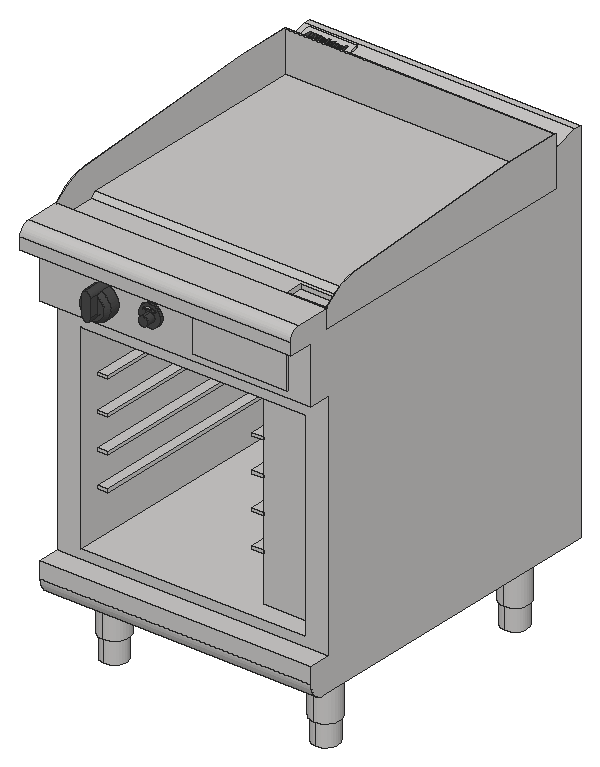
Revit family "QF_MOFFAT WALDORF_GPL8600G-CB", category Specialty Equipment, Revit 2012
Parameters
  Weight in Pounds = 238.099  # constant formula
  Width [instance] = 600.00 mm  # constant formula
  URL Cutsheet = "www.moffat.com"
  URL = "www.moffat.com"
  Type Mark [instance] = ""
  Status [instance] = ""
  Specification by User [instance] = ""
  Specification by Manufacturer = ""
  Show Logo [instance] = yes
  Show Casters [instance] = no
  Serial Number = ""
  Seismic Rating = ""
  SMACNA No = ""
  Revision Code [instance] = ""
  Omniclass Number and Title = ""
  NAFEM Spec ID Number = ""
  Model = "GPL8600G-CB"
  Mechanical Remarks = ""
  Mechanical Connection Type = ""
  Masterspec = ""
  Manufacturer = "MOFFAT WALDORF"
  Legs [instance] = not(Show Casters)  # yes
  Item Number [instance] = ""
  Installed By [instance] = ""
  Identify Quantity as Lot [instance] = yes
  Height = 970.00 mm  # constant formula
  Gas Size = 3/4"
  Gas RI Height = 0.00 mm
  Gas KW = 14.7
  Gas Input = 50234.0 Btu/h
  Gas Connection Height = 0.00 mm
  Furnished By [instance] = ""
  Foodservice Equipment Identifier [instance] = yes
  Description = "GRIDDLE PLATE LOW SPLASHBACK GAS ON CABINET BASE"
  Depth [instance] = 805.00 mm  # constant formula
  CSI MasterFormat = ""
  CSI Master Format = ""
  Back Splash [instance] = 215.00 mm  # constant formula
Reference planes
  plane 1 "BACK": y = 0
  plane 2: z = 0
  plane 3 "LEFT": x = 0
  plane 4 "RIGHT": x = 600
  plane 5 "FRONT": y = -805
  plane 6 "TOP": z = 970
  plane 7 "Center Y": x = 300
  plane 8 "Center X": y = -402.5
  plane 9 "Base Height": z = 150
  plane 10: z = 915
  plane 11: x = 65
  plane 12: x = 534
  plane 13: y = -625
  plane 14: y = -100
  plane 15: x = 470
  plane 16: z = 655
  plane 17: y = -32
Forms (mm)
  Extrusion 1, solid, material "QF_Finishes_Stainless Steel"
    sketch origin (0, 0, 0) x (0, 1, 0) y (0, 0, 1)
      loop
        line (-699, 222.5) -> (-749, 222.5) -> (-749, 188)
        arc (-749, 188) -> (-737.87, 161.13) -> (-711, 150) r 38
        line (-711, 150) -> (-699, 150) -> (-699, 222.5)
      loop
        line (-100, 150) -> (0, 150) -> (0, 970) -> (-15, 970) -> (-61.106, 957.646)
        arc (-61.106, 957.646) -> (-67.52, 953.36) -> (-70, 946.055) r 12
        line (-70, 946.055) -> (-70, 875) -> (-705, 875) -> (-705, 915) -> (-781, 915)
        arc (-781, 915) -> (-797.971, 907.971) -> (-805, 891) r 24
        line (-805, 891) -> (-805, 866) -> (-749, 866) -> (-749, 740) -> (-100, 740) -> (-100, 150)
    from 0 to 600
  Revolve 2, solid, material "QF_Finishes_Stainless Steel", visible <- "Legs"
    sketch origin (534, -210, 0) x (0, 1, 0) y (0, 0, -1)
      loop
        line (78.25, -150) -> (110, -150) -> (110, 0) -> (82.5, 0) -> (82.5, -50) -> (78.25, -50) -> (78.25, -150)
      axis (110, -150) -> (110, 0)
    angle from 0 to 360
  Revolve 3, solid, material "QF_Finishes_Stainless Steel"
    sketch origin (534, -735, 0) x (0, 1, 0) y (0, 0, -1)
      loop
        line (78.25, -150) -> (110, -150) -> (110, 0) -> (82.5, 0) -> (82.5, -50) -> (78.25, -50) -> (78.25, -150)
      axis (110, -150) -> (110, 0)
    angle from 0 to 360
  Revolve 4, solid, material "QF_Finishes_Stainless Steel", visible <- "Legs"
    sketch origin (65, -210, 0) x (0, 1, 0) y (0, 0, -1)
      loop
        line (78.25, -150) -> (110, -150) -> (110, 0) -> (82.5, 0) -> (82.5, -50) -> (78.25, -50) -> (78.25, -150)
      axis (110, -150) -> (110, 0)
    angle from 0 to 360
  Revolve 5, solid, material "QF_Finishes_Stainless Steel"
    sketch origin (65, -735, 0) x (0, 1, 0) y (0, 0, -1)
      loop
        line (78.25, -150) -> (110, -150) -> (110, 0) -> (82.5, 0) -> (82.5, -50) -> (78.25, -50) -> (78.25, -150)
      axis (110, -150) -> (110, 0)
    angle from 0 to 360
  Revolve 6, solid, material "QF_Finishes_Black"
    sketch origin (150, 0, 602.373) x (0, 1, 0) y (0, 0, -1)
      loop
        line (-782, -229.5) -> (-759, -229.5) -> (-759, -202) -> (-749, -202) -> (-749, -197) -> (-793, -197) -> (-793, -223.651) -> (-782, -229.5)
      axis (-793, -197) -> (-749, -197)
    angle from 0 to 360
  Extrusion 7, solid, material "QF_Finishes_Black"
    sketch origin (288.27, 0, 602.531) x (-1, 0, 0) y (0, 0, -1)
      loop
        arc (148.269, -184.969) -> (138.269, -174.969) -> (128.269, -184.969) r 10
        line (128.269, -184.969) -> (128.269, -223.969)
        arc (128.269, -223.969) -> (138.269, -233.969) -> (148.269, -223.969) r 10
        line (148.269, -223.969) -> (148.269, -184.969)
    from 759 to 808
  Extrusion 8, solid, material "QF_Finishes_Stainless Steel"
    sketch origin (0, -749, 866) x (0, 0, -1) y (1, 0, 0)
      loop
        line (24, 340) -> (111, 340) -> (111, 550) -> (24, 550) -> (24, 340)
    from 0 to 2.5
  Extrusion 9, solid, material "QF_Finishes_Stainless Steel"
    sketch origin (0, -751.5, 866) x (0, 0, -1) y (1, 0, 0)
      loop
        line (31, 550) -> (24, 550) -> (24, 340) -> (31, 340) -> (31, 550)
    from 0 to 5
  Extrusion 10, solid, material "QF_Finishes_Black"
    sketch origin (0, -749, 866) x (0, 0, -1) y (1, 0, 0)
      loop
        circle (66.25, 247.5) r 24
      loop
        arc (56.35, 262.413) -> (48.314, 247.625) -> (56.132, 232.719) r 17.868
        arc (56.132, 232.719) -> (56.612, 232.434) -> (57.127, 232.649) r 0.621
        arc (57.127, 232.649) -> (58.564, 235.208) -> (58.908, 238.122) r 7.495
        arc (58.908, 238.122) -> (58.704, 239.05) -> (58.256, 239.888) r 3.472
        arc (58.256, 239.888) -> (55.964, 247.351) -> (58.094, 254.862) r 13.786
        arc (58.094, 254.862) -> (58.734, 256.132) -> (58.999, 257.528) r 5.101
        arc (58.999, 257.528) -> (58.628, 260.047) -> (57.334, 262.239) r 6.611
        arc (57.334, 262.239) -> (56.872, 262.497) -> (56.35, 262.413) r 0.806
    from 0 to 5
  Extrusion 11, solid, material "QF_Finishes_Black"
    sketch origin (0, -754, 866) x (0, 0, -1) y (1, 0, 0)
      loop
        circle (69.75, 247.5) r 10
    from 0 to 18.251
  Extrusion 12, solid, material "QF_Finishes_Stainless Steel"
    sketch origin (0, -699, 685) x (1, 0, 0) y (0, -1, 0)
      loop
        circle (470, -667) r 13.5
    from -55 to 30
  Extrusion 13, solid, material "QF_Finishes_Stainless Steel"
    sketch origin (0, -100, 685) x (0, 0, 1) y (-1, 0, 0)
      loop
        line (-535, 0) -> (-535, -600) -> (55, -600) -> (55, 0) -> (-535, 0)
      loop
        line (0, -50) -> (-442.5, -50) -> (-442.5, -550) -> (0, -550) -> (0, -50)
    from 0 to 599
  Extrusion 14, solid, material "QF_Finishes_Stainless Steel"
    sketch origin (0, -100, 685) x (0, 0, 1) y (-1, 0, 0)
      loop
        line (-266.25, -50) -> (-266.25, -75) -> (-259.9, -75) -> (-259.9, -50) -> (-266.25, -50)
      loop
        line (-184.9, -75) -> (-184.9, -50) -> (-191.25, -50) -> (-191.25, -75) -> (-184.9, -75)
      loop
        line (-341.25, -50) -> (-341.25, -75) -> (-334.9, -75) -> (-334.9, -50) -> (-341.25, -50)
      loop
        line (-109.9, -75) -> (-109.9, -50) -> (-116.25, -50) -> (-116.25, -75) -> (-109.9, -75)
      loop
        line (-266.25, -419.5) -> (-259.9, -419.5) -> (-259.9, -394.5) -> (-266.25, -394.5) -> (-266.25, -419.5)
      loop
        line (-184.9, -394.5) -> (-191.25, -394.5) -> (-191.25, -419.5) -> (-184.9, -419.5) -> (-184.9, -394.5)
      loop
        line (-341.25, -419.5) -> (-334.9, -419.5) -> (-334.9, -394.5) -> (-341.25, -394.5) -> (-341.25, -419.5)
      loop
        line (-109.9, -394.5) -> (-116.25, -394.5) -> (-116.25, -419.5) -> (-109.9, -419.5) -> (-109.9, -394.5)
    from 0 to 554
  Extrusion 15, solid, material "QF_Finishes_Stainless Steel"
    sketch origin (0, -100, 685) x (0, 0, 1) y (-1, 0, 0)
      loop
        line (0, -550) -> (0, -419.5) -> (-442.5, -419.5) -> (-442.5, -550) -> (0, -550)
    from 546.898 to 554
  Extrusion 16, void
    sketch origin (0, 0, 150) x (-1, 0, 0) y (0, -1, 0)
      loop
        line (-535.614, 87.26) -> (-535.614, -30.24) -> (-406.114, -30.24) -> (-406.114, 38.76) -> (-454.614, 87.26) -> (-535.614, 87.26)
    from 72.5 to 590
Cuts and joins
  joined: Extrusion 8, Extrusion 9
  Extrusion 16 cuts Extrusion 1
  joined: Extrusion 1, Extrusion 13
Lines and regions (mm)
  Split face 1
    outline origin (12.5, -17.878, 969.229) x (0, -0.965926, -0.258819) y (1, 0, 0)
      loop
        line (2.411, 151.462) -> (37.194, 151.462) -> (37.194, 169.241) -> (2.411, 169.241) -> (2.411, 151.462)
  Split face 2
    outline origin (66.25, -17.878, 969.229) x (0, -0.965926, -0.258819) y (1, 0, 0)
      loop
        line (2.411, 151.462) -> (37.194, 151.462) -> (37.194, 169.241) -> (2.411, 169.241) -> (2.411, 151.462)
  Split face 3
    outline origin (120, -17.878, 969.229) x (0, -0.965926, -0.258819) y (1, 0, 0)
      loop
        line (2.411, 151.462) -> (37.194, 151.462) -> (37.194, 169.241) -> (2.411, 169.241) -> (2.411, 151.462)
  Split face 4
    outline origin (173.75, -17.878, 969.229) x (0, -0.965926, -0.258819) y (1, 0, 0)
      loop
        line (2.411, 151.462) -> (37.194, 151.462) -> (37.194, 169.241) -> (2.411, 169.241) -> (2.411, 151.462)
  Split face 5
    outline origin (227.5, -17.878, 969.229) x (0, -0.965926, -0.258819) y (1, 0, 0)
      loop
        line (2.411, 151.462) -> (37.194, 151.462) -> (37.194, 169.241) -> (2.411, 169.241) -> (2.411, 151.462)
  Split face 6
    outline origin (281.25, -17.878, 969.229) x (0, -0.965926, -0.258819) y (1, 0, 0)
      loop
        line (2.411, 151.462) -> (37.194, 151.462) -> (37.194, 169.241) -> (2.411, 169.241) -> (2.411, 151.462)
  Split face 7
    outline origin (335, -17.878, 969.229) x (0, -0.965926, -0.258819) y (1, 0, 0)
      loop
        line (2.411, 151.462) -> (37.194, 151.462) -> (37.194, 169.241) -> (2.411, 169.241) -> (2.411, 151.462)
  symbolic lines
    curve 1: line (0, 0, 0) -> (0, -805, 0)
    curve 2: line (600, 0, 0) -> (0, 0, 0)
    curve 3: line (600, -805, 0) -> (600, 0, 0)
    curve 4: line (0, -70, 0) -> (600, -70, 0)
    curve 5: line (0, -805, 0) -> (600, -805, 0)
    curve 6: line (12.5, -20.958, 0) -> (121.5, -20.958, 0)
    curve 7: line (12.5, -51.234, 0) -> (12.5, -20.958, 0)
    curve 8: line (121.5, -20.958, 0) -> (121.5, -51.234, 0)
    curve 9: line (12.5, -51.234, 0) -> (121.5, -51.234, 0)
    curve 10: line (181.741, -21.168, 0) -> (181.741, -51.453, 0)
    curve 11: line (181.741, -51.453, 0) -> (163.962, -51.453, 0)
    curve 12: line (163.962, -51.453, 0) -> (163.962, -21.168, 0)
    curve 13: line (163.962, -21.168, 0) -> (181.741, -21.168, 0)
    curve 14: line (217.712, -51.453, 0) -> (217.712, -21.168, 0)
    curve 15: line (217.712, -21.168, 0) -> (235.491, -21.168, 0)
    curve 16: line (235.491, -21.168, 0) -> (235.491, -51.453, 0)
    curve 17: line (235.491, -51.453, 0) -> (217.712, -51.453, 0)
    curve 18: line (271.462, -51.453, 0) -> (271.462, -21.168, 0)
    curve 19: line (271.462, -21.168, 0) -> (289.241, -21.168, 0)
    curve 20: line (289.241, -21.168, 0) -> (289.241, -51.453, 0)
    curve 21: line (289.241, -51.453, 0) -> (271.462, -51.453, 0)
    curve 22: line (325.212, -21.168, 0) -> (325.212, -51.453, 0)
    curve 23: line (325.212, -51.453, 0) -> (342.991, -51.453, 0)
    curve 24: line (342.991, -51.453, 0) -> (342.991, -21.168, 0)
    curve 25: line (342.991, -21.168, 0) -> (325.212, -21.168, 0)
    curve 26: line (378.962, -51.453, 0) -> (378.962, -21.168, 0)
    curve 27: line (378.962, -21.168, 0) -> (396.741, -21.168, 0)
    curve 28: line (396.741, -21.168, 0) -> (396.741, -51.453, 0)
    curve 29: line (396.741, -51.453, 0) -> (378.962, -51.453, 0)
    curve 30: line (432.712, -21.168, 0) -> (432.712, -51.453, 0)
    curve 31: line (432.712, -51.453, 0) -> (450.491, -51.453, 0)
    curve 32: line (450.491, -51.453, 0) -> (450.491, -21.168, 0)
    curve 33: line (450.491, -21.168, 0) -> (432.712, -21.168, 0)
    curve 34: line (486.462, -51.453, 0) -> (486.462, -21.168, 0)
    curve 35: line (486.462, -21.168, 0) -> (504.241, -21.168, 0)
    curve 36: line (504.241, -21.168, 0) -> (504.241, -51.453, 0)
    curve 37: line (504.241, -51.453, 0) -> (486.462, -51.453, 0)
Dimensions and locks
  equal spacing: plane 3 "LEFT", plane 7 "Center Y", plane 4 "RIGHT"
  "Width": plane 3 "LEFT" to plane 4 "RIGHT"
  equal spacing: plane 5 "FRONT", plane 8 "Center X", plane 1 "BACK"
  "Depth": plane 5 "FRONT" to plane 1 "BACK"
  locked: plane 10 to level at 915
  locked: plane 9 "Base Height" to level at 150
  nested 1 to plane 6 "TOP" to nested 1 to plane 10 = 0.283 mm locked, 8.727 mm locked, 46.273 mm locked
  plane 13 to plane 14 = 525.00 mm
  plane 12 to plane 11 = 469.00 mm
  "Height": plane 6 "TOP" to level
  plane 15 to plane 4 "RIGHT" = 130.00 mm
  plane 16 to level = 655.00 mm
  plane 17 to plane 1 "BACK" = 32.00 mm
  aligned and locked: level to plane 2
Automatic sketch dimensions
  plane 1 "BACK" to curve 1 = 0.00 mm
  curve 1 to plane 3 "LEFT" = 0.00 mm
  curve 3 to plane 4 "RIGHT" = 0.00 mm
  plane 5 "FRONT" to curve 5 = 0.00 mm
  plane 3 "LEFT" to curve 6 = 12.50 mm
  plane 11 to curve 9 = 56.50 mm
  plane 14 to curve 4 = 30.00 mm
  curve 4 to curve 7 = 18.766 mm
  plane 1 "BACK" to curve 6 = 20.958 mm
  Revolve 2 sketch curve to plane 9 "Base Height" = 0.00 mm
  Revolve 2 sketch curve to level = 0.00 mm
  Revolve 2 sketch curve to plane 14 = 0.00 mm  (x2)
  Revolve 2 sketch curve to plane 14 = 27.50 mm
  Revolve 2 sketch curve to plane 14 = 31.75 mm
  level to Revolve 2 sketch curve = 50.00 mm
  Revolve 2 sketch curve to Revolve 2 sketch curve = 0.00 mm
  Revolve 2 sketch curve to Revolve 2 sketch curve = 55.00 mm
  Revolve 3 sketch curve to plane 9 "Base Height" = 0.00 mm
  Revolve 3 sketch curve to level = 0.00 mm
  Revolve 3 sketch curve to plane 13 = 0.00 mm  (x2)
  Revolve 3 sketch curve to plane 13 = 27.50 mm
  Revolve 3 sketch curve to plane 13 = 31.75 mm
  level to Revolve 3 sketch curve = 50.00 mm
  Revolve 3 sketch curve to Revolve 3 sketch curve = 0.00 mm
  Revolve 3 sketch curve to Revolve 3 sketch curve = 55.00 mm
  Revolve 4 sketch curve to plane 9 "Base Height" = 0.00 mm
  Revolve 4 sketch curve to level = 0.00 mm
  Revolve 4 sketch curve to plane 14 = 0.00 mm  (x2)
  Revolve 4 sketch curve to plane 14 = 27.50 mm
  Revolve 4 sketch curve to plane 14 = 31.75 mm
  level to Revolve 4 sketch curve = 50.00 mm
  Revolve 4 sketch curve to Revolve 4 sketch curve = 0.00 mm
  Revolve 4 sketch curve to Revolve 4 sketch curve = 55.00 mm
  Revolve 5 sketch curve to plane 9 "Base Height" = 0.00 mm
  Revolve 5 sketch curve to level = 0.00 mm
  Revolve 5 sketch curve to plane 13 = 0.00 mm  (x2)
  Revolve 5 sketch curve to plane 13 = 27.50 mm
  Revolve 5 sketch curve to plane 13 = 31.75 mm
  level to Revolve 5 sketch curve = 50.00 mm
  Revolve 5 sketch curve to Revolve 5 sketch curve = 0.00 mm
  Revolve 5 sketch curve to Revolve 5 sketch curve = 55.00 mm
  Extrusion 1 to Split face 1 sketch curve = 5.391 mm
  Split face 1 sketch curve to Extrusion 1 = 7.559 mm
  Split face 1 sketch curve to Extrusion 1 = 163.962 mm
  Split face 1 sketch curve to Split face 1 sketch curve = 17.779 mm
  Extrusion 1 to Split face 2 sketch curve = 5.391 mm
  Split face 2 sketch curve to Extrusion 1 = 7.559 mm
  Split face 2 sketch curve to Extrusion 1 = 217.712 mm
  Split face 2 sketch curve to Split face 2 sketch curve = 17.779 mm
  Extrusion 1 to Split face 3 sketch curve = 5.391 mm
  Split face 3 sketch curve to Extrusion 1 = 7.559 mm
  Split face 3 sketch curve to Extrusion 1 = 271.462 mm
  Split face 3 sketch curve to Split face 3 sketch curve = 17.779 mm
  Extrusion 1 to Split face 4 sketch curve = 5.391 mm
  Split face 4 sketch curve to Extrusion 1 = 7.559 mm
  Split face 4 sketch curve to Extrusion 1 = 274.788 mm
  Split face 4 sketch curve to Split face 4 sketch curve = 17.779 mm
  Extrusion 1 to Split face 5 sketch curve = 5.391 mm
  Split face 5 sketch curve to Extrusion 1 = 7.559 mm
  Split face 5 sketch curve to Extrusion 1 = 221.038 mm
  Split face 5 sketch curve to Split face 5 sketch curve = 17.779 mm
  Extrusion 1 to Split face 6 sketch curve = 5.391 mm
  Split face 6 sketch curve to Extrusion 1 = 7.559 mm
  Split face 6 sketch curve to Extrusion 1 = 167.288 mm
  Split face 6 sketch curve to Split face 6 sketch curve = 17.779 mm
  Extrusion 1 to Split face 7 sketch curve = 5.391 mm
  Split face 7 sketch curve to Extrusion 1 = 7.559 mm
  Split face 7 sketch curve to Extrusion 1 = 113.538 mm
  Split face 7 sketch curve to Split face 7 sketch curve = 17.779 mm
  curve 8 to curve 12 = 42.462 mm
  curve 12 to curve 13 = 17.779 mm
  curve 12 to curve 8 = 0.219 mm
  plane 1 "BACK" to curve 10 = 21.168 mm
  curve 10 to curve 15 = 35.971 mm
  curve 14 to curve 17 = 17.779 mm
  curve 10 to curve 17 = 0.00 mm
  plane 1 "BACK" to curve 15 = 21.168 mm
  curve 18 to plane 7 "Center Y" = 28.538 mm
  curve 21 to plane 7 "Center Y" = 10.759 mm
  curve 16 to curve 18 = 0.00 mm
  plane 1 "BACK" to curve 20 = 21.168 mm
  plane 7 "Center Y" to curve 23 = 25.212 mm
  curve 22 to curve 25 = 17.779 mm
  plane 14 to curve 24 = 48.547 mm
  plane 1 "BACK" to curve 25 = 21.168 mm
  curve 24 to curve 27 = 35.971 mm
  curve 26 to curve 29 = 17.779 mm
  plane 14 to curve 29 = 48.547 mm
  plane 1 "BACK" to curve 26 = 21.168 mm
  curve 28 to curve 30 = 35.971 mm
  curve 30 to curve 33 = 17.779 mm
  plane 14 to curve 32 = 48.547 mm
  plane 1 "BACK" to curve 33 = 21.168 mm
  curve 31 to curve 34 = 35.971 mm
  curve 34 to curve 37 = 17.779 mm
  plane 14 to curve 37 = 48.547 mm
  plane 1 "BACK" to curve 34 = 21.168 mm
  Revolve 6 sketch curve to plane 5 "FRONT" = 12.00 mm
  Revolve 6 sketch curve to Revolve 6 sketch curve = 0.00 mm  (x2)
  Revolve 6 sketch curve to Revolve 6 sketch curve = 11.00 mm
  Revolve 6 sketch curve to Revolve 6 sketch curve = 12.70 mm
  Revolve 6 sketch curve to Revolve 6 sketch curve = 23.00 mm
  Revolve 6 sketch curve to Revolve 6 sketch curve = 10.00 mm
  plane 9 "Base Height" to Revolve 6 sketch curve = 681.873 mm
  Revolve 6 sketch curve to Revolve 6 sketch curve = 5.849 mm
  Revolve 6 sketch curve to Revolve 6 sketch curve = 27.50 mm
  Revolve 6 sketch curve to Revolve 6 sketch curve = 5.00 mm
  plane 11 to Extrusion 7 sketch curve = 95.001 mm
  Extrusion 7 sketch curve to Extrusion 7 sketch curve = 10.00 mm
  plane 9 "Base Height" to Extrusion 7 sketch curve = 676.50 mm
  plane 9 "Base Height" to Extrusion 7 sketch curve = 637.50 mm
  Extrusion 9 sketch curve to Extrusion 8 = 0.00 mm  (x2)
  Extrusion 8 to Extrusion 9 sketch curve = 0.00 mm
  Extrusion 9 sketch curve to Extrusion 8 = 7.00 mm
  Extrusion 1 to Extrusion 10 sketch curve = 51.437 mm
  Extrusion 10 sketch curve to Extrusion 10 sketch curve = 0.958 mm
  Extrusion 10 sketch curve to Extrusion 10 sketch curve = 1.509 mm
  Extrusion 10 sketch curve to Extrusion 10 sketch curve = 4.01 mm
  Extrusion 10 sketch curve to Extrusion 10 sketch curve = 0.685 mm
  Extrusion 10 sketch curve to Extrusion 10 sketch curve = 2.447 mm
  Extrusion 10 sketch curve to Extrusion 10 sketch curve = 0.524 mm
  Extrusion 10 sketch curve to Extrusion 10 sketch curve = 0.381 mm
  Extrusion 10 sketch curve to Extrusion 10 sketch curve = 0.472 mm
  Extrusion 10 sketch curve to Extrusion 10 sketch curve = 0.00 mm  (x5)
  Extrusion 10 sketch curve to Extrusion 10 sketch curve = 0.602 mm
  Extrusion 10 sketch curve to Extrusion 10 sketch curve = 4.19 mm
  Extrusion 10 sketch curve to Extrusion 10 sketch curve = 2.809 mm
  Extrusion 10 sketch curve to Extrusion 10 sketch curve = 0.652 mm
  Extrusion 10 sketch curve to Extrusion 10 sketch curve = 0.905 mm
  Extrusion 10 sketch curve to Extrusion 10 sketch curve = 8.087 mm
  Extrusion 10 sketch curve to Extrusion 10 sketch curve = 0.069 mm
  Extrusion 10 sketch curve to Extrusion 10 sketch curve = 3.50 mm
  Extrusion 1 to Extrusion 10 sketch curve = 232.649 mm
  Extrusion 10 sketch curve to Extrusion 10 sketch curve = 0.07 mm
  Extrusion 10 sketch curve to Extrusion 10 sketch curve = 7.606 mm
  Extrusion 10 sketch curve to Extrusion 10 sketch curve = 0.007 mm
  Extrusion 1 to Extrusion 8 sketch curve = 24.00 mm
  Extrusion 8 sketch curve to Extrusion 1 = 15.00 mm
  Extrusion 1 to Extrusion 8 sketch curve = 260.00 mm
  Extrusion 1 to Extrusion 8 sketch curve = 50.00 mm
  Extrusion 1 sketch curve to plane 5 "FRONT" = 0.00 mm
  Extrusion 1 sketch curve to plane 10 = 0.00 mm
  Extrusion 1 sketch curve to plane 9 "Base Height" = 0.00 mm  (x2)
  Extrusion 1 sketch curve to plane 14 = 0.00 mm
  Extrusion 1 sketch curve to plane 6 "TOP" = 0.00 mm
  Extrusion 1 sketch curve to plane 1 "BACK" = 0.00 mm
  Extrusion 1 sketch curve to plane 5 "FRONT" = 24.00 mm
  Extrusion 1 sketch curve to plane 5 "FRONT" = 56.00 mm  (x2)
  Extrusion 1 sketch curve to Extrusion 1 sketch curve = 38.00 mm
  Extrusion 1 sketch curve to Extrusion 1 sketch curve = 44.00 mm
  Extrusion 1 sketch curve to Extrusion 1 sketch curve = 12.00 mm
  plane 14 to Extrusion 1 sketch curve = 30.00 mm
  Extrusion 1 sketch curve to Extrusion 1 sketch curve = 8.894 mm
  Extrusion 1 sketch curve to Extrusion 1 sketch curve = 3.106 mm
  plane 1 "BACK" to Extrusion 1 sketch curve = 15.00 mm
  Extrusion 1 sketch curve to Extrusion 1 sketch curve = 34.50 mm
  Extrusion 1 sketch curve to Extrusion 1 sketch curve = 25.00 mm
  Extrusion 1 sketch curve to Extrusion 1 sketch curve = 40.00 mm
  Extrusion 1 sketch curve to plane 6 "TOP" = 23.945 mm
  Extrusion 1 to Extrusion 13 sketch curve = 0.00 mm
  Extrusion 13 sketch curve to Extrusion 1 = 0.00 mm  (x3)
  Extrusion 1 to Extrusion 13 sketch curve = 92.50 mm
  Extrusion 1 to Extrusion 13 sketch curve = 50.00 mm  (x2)
  plane 16 to Extrusion 1 sketch curve = 85.00 mm
  Extrusion 12 sketch curve to plane 15 = 0.00 mm
  Extrusion 12 sketch curve to plane 17 = 0.00 mm
  Extrusion 1 to Extrusion 13 sketch curve = 55.00 mm
  Extrusion 1 to Extrusion 15 sketch curve = 92.50 mm
  Extrusion 1 to Extrusion 15 sketch curve = 55.00 mm
  Extrusion 1 to Extrusion 15 sketch curve = 50.00 mm
  Extrusion 15 sketch curve to Extrusion 15 sketch curve = 130.50 mm
  Extrusion 1 to Extrusion 14 sketch curve = 50.00 mm  (x2)
  Extrusion 1 to Extrusion 14 sketch curve = 193.75 mm  (x2)
  Extrusion 14 sketch curve to Extrusion 14 sketch curve = 6.35 mm  (x8)
  Extrusion 14 sketch curve to Extrusion 14 sketch curve = 68.65 mm  (x6)
  Extrusion 14 sketch curve to Extrusion 14 sketch curve = 25.00 mm  (x8)
  Extrusion 14 sketch curve to Extrusion 14 sketch curve = 0.00 mm  (x4)
  Extrusion 1 to Extrusion 14 sketch curve = 75.00 mm
  Extrusion 1 to Extrusion 14 sketch curve = 205.50 mm
  Extrusion 16 sketch curve to plane 12 = 1.614 mm
  Extrusion 16 sketch curve to plane 15 = 15.386 mm
  Extrusion 16 sketch curve to plane 17 = 6.76 mm
  Extrusion 16 sketch curve to plane 15 = 63.886 mm
  Extrusion 16 sketch curve to plane 1 "BACK" = 30.24 mm
  plane 14 to Extrusion 16 sketch curve = 12.74 mm
  radius of Extrusion 11 sketch curve to Extrusion 10 = 3.786 mm
  radius of Extrusion 10 sketch curve = 24.00 mm
  radius of Extrusion 12 sketch curve = 13.50 mm
Nested families
  nested 1: "WALDORF-LOGO" at (12.5, -35.273, 948.036), visible <- "Show Logo", type "WALDORF-LOGO", detail levels medium+fine
    with Type Mark "", Status "", Specification by User "", Revision Code "", Item Number "", Installed By "", Identify Quantity as Lot yes, Furnished By "", Foodservice Equipment Identifier yes
  nested 2: "GPL8600G-CB-CASTERS" at (65, -127.5, 0), Show Casters <- "Show Casters", visible <- "Show Casters", type "GPL8600G-CB-CASTERS"
    with Type Mark "", Status "", Specification by User "", Show Casters no, Revision Code "", Item Number "", Installed By "", Identify Quantity as Lot yes, Furnished By "", Foodservice Equipment Identifier yes
  nested 3: "GPL8600G-CB-CASTERS" at (535, -127.5, 0), Show Casters <- "Show Casters", visible <- "Show Casters", type "GPL8600G-CB-CASTERS"
    with Type Mark "", Status "", Specification by User "", Show Casters no, Revision Code "", Item Number "", Installed By "", Identify Quantity as Lot yes, Furnished By "", Foodservice Equipment Identifier yes
  nested 4: "GAS GRIDDLE PLATE" at (0, -70, 874.5), type "GAS GRIDDLE PLATE"
    with Type Mark "", Status "", Specification by User "", Show Clearance yes, Revision Code "", Number of Poles 1, Mechanical Remarks "", Mechanical Connection Type "", Item Number "", Installed By "", Identify Quantity as Lot yes, Gas RI Height 0.00 mm, Gas KW 0, Gas Input 0.0 Btu/h, Furnished By "", Foodservice Equipment Identifier yes, Electrical Remarks "", Electric Connection Type "", Elec Conn RI Height 0.00 mm, Elec Conn Connection Height 0.00 mm
Connectors
  piping at (470, -32, 655)
    settings: on Extrusion 12, index 1, connector radius 0.37402", flow factor 0, pipe flow 0 GPM, pressure drop 0.00 psi, fitting loss kfactor 0, connector angle 0.00°, fixture units 0, engagement length 0.00 mm, flow configuration 1, flow direction 1, fitting loss method 0, system type 7, joint type 0, gender type 0, connector reference index -1, connector utility 0, adjustable connector no, is connector primary yes, fitting loss table "", connector description "GAS CONNECTION"
Definition of nested family "WALDORF-LOGO"
  Parameters (values of type "WALDORF-LOGO")
    Weight in Pounds = 0
    URL Cutsheet = ""
    Type Mark [instance] = ""
    Status [instance] = ""
    Specification by User [instance] = ""
    Specification by Manufacturer = ""
    Show Logo [instance] = yes
    Serial Number = ""
    Seismic Rating = ""
    SMACNA No = ""
    Revision Code [instance] = ""
    Omniclass Number and Title = ""
    NAFEM Spec ID Number = ""
    Masterspec = ""
    Item Number [instance] = ""
    Installed By [instance] = ""
    Identify Quantity as Lot [instance] = yes
    Furnished By [instance] = ""
    Foodservice Equipment Identifier [instance] = yes
    CSI MasterFormat = ""
    CSI Master Format = ""
  Reference planes
    plane 1 "BACK": y = 0
    plane 2: z = 0
    plane 3 "LEFT": x = 0
    plane 4 "RIGHT": x = 109
    plane 5 "FRONT": y = -1.588
    plane 6 "TOP": z = 34.14
    plane 7 "Center Y": x = 54.5
    plane 8 "Center X": y = -0.794
  Forms (mm)
    Extrusion 1, solid, material "QF_Finishes_Stainless Steel", visible <- "Show Logo"
      sketch origin (0, -16.844, 11.705) x (1, 0, 0) y (0, 0.964546, 0.263916)
        loop
          arc (5, 34.14) -> (1.464, 32.676) -> (0, 29.14) r 5
          line (0, 29.14) -> (0, 5)
          arc (0, 5) -> (1.464, 1.464) -> (5, 0) r 5
          line (5, 0) -> (104, 0)
          arc (104, 0) -> (107.536, 1.464) -> (109, 5) r 5
          line (109, 5) -> (109, 29.14)
          arc (109, 29.14) -> (107.536, 32.676) -> (104, 34.14) r 5
          line (104, 34.14) -> (5, 34.14)
      from 0 to 1.588
    Extrusion 2, solid, material "QF_Finishes_Black", visible <- "Show Logo"
      sketch origin (0, -17.263, 13.237) x (1, 0, 0) y (0, 0.964546, 0.263916)
        loop
          line (24.772, 23.214) -> (27.992, 10.301) -> (31.551, 10.301) -> (33.443, 17.364) -> (35.205, 10.301) -> (39.332, 10.301) -> (42.077, 23.214) -> (38.352, 23.214) -> (36.676, 15.33) -> (35, 23.214) -> (31.752, 23.214) -> (30.076, 15.33) -> (28.4, 23.214) -> (24.772, 23.214)
        loop
          line (42.272, 17.055) -> (45.703, 17.055)
          spline (45.703, 17.055) -> (45.741, 17.285) -> (45.852, 17.499) -> (46.028, 17.682) -> (46.258, 17.823) -> (46.526, 17.912) -> (46.813, 17.942) -> (47.1, 17.912) -> (47.368, 17.823) -> (47.597, 17.682) -> (47.774, 17.499) -> (47.884, 17.285) -> (47.922, 17.055)
          line (47.922, 17.055) -> (47.922, 16.222)
          arc (47.922, 16.222) -> (45.742, 16.014) -> (43.665, 15.317) r 9.604
          arc (43.665, 15.317) -> (41.924, 12.809) -> (43.665, 10.301) r 2.677
          arc (43.665, 10.301) -> (45.527, 10.353) -> (47.332, 10.816) r 8.365
          line (47.332, 10.816) -> (48.092, 11.105) -> (48.092, 10.301) -> (51.817, 10.301) -> (51.817, 17.055)
          spline (51.817, 17.055) -> (51.654, 17.821) -> (51.178, 18.535) -> (50.419, 19.148) -> (49.431, 19.619) -> (48.28, 19.914) -> (47.044, 20.015) -> (45.809, 19.914) -> (44.658, 19.619) -> (43.67, 19.148) -> (42.911, 18.535) -> (42.434, 17.821) -> (42.272, 17.055)
        loop
          line (53.151, 23.214) -> (53.151, 10.301) -> (57.37, 10.301) -> (57.37, 23.214) -> (53.151, 23.214)
        loop
          line (64.874, 23.214) -> (64.874, 18.857)
          arc (64.874, 18.857) -> (58.083, 15.11) -> (64.874, 11.363) r 4.429
          line (64.874, 11.363) -> (64.874, 10.301) -> (68.378, 10.301) -> (68.378, 23.214) -> (64.874, 23.214)
        loop
          arc (64.874, 16.083) -> (61.41, 14.987) -> (64.874, 13.891) r 1.905
          line (64.874, 13.891) -> (64.874, 16.083)
        loop
          circle (74.623, 15.223) r 5
        loop
          spline (74.623, 17.856) -> (74.355, 17.766) -> (74.105, 17.503) -> (73.891, 17.084) -> (73.726, 16.539) -> (73.623, 15.904) -> (73.588, 15.223) -> (73.623, 14.541) -> (73.726, 13.906) -> (73.891, 13.361) -> (74.105, 12.942) -> (74.355, 12.679) -> (74.623, 12.59)
          spline (74.623, 12.59) -> (74.891, 12.679) -> (75.141, 12.942) -> (75.355, 13.361) -> (75.52, 13.906) -> (75.623, 14.541) -> (75.659, 15.223) -> (75.623, 15.904) -> (75.52, 16.539) -> (75.355, 17.084) -> (75.141, 17.503) -> (74.891, 17.766) -> (74.623, 17.856)
        loop
          line (81.255, 19.813) -> (81.255, 10.301) -> (84.834, 10.301) -> (84.834, 14.176)
          arc (84.834, 14.176) -> (85.854, 16.093) -> (88.013, 16.32) r 2.313
          line (88.013, 16.32) -> (88.013, 19.813) -> (87.161, 19.813)
          arc (87.161, 19.813) -> (85.526, 19.266) -> (84.549, 17.844) r 2.717
          line (84.549, 17.844) -> (84.549, 19.813) -> (81.255, 19.813)
        loop
          line (90.249, 19.813) -> (88.91, 19.813) -> (88.91, 17.614) -> (90.249, 17.614) -> (90.249, 10.301) -> (93.998, 10.301) -> (93.998, 17.614) -> (95.418, 17.614) -> (95.418, 19.813) -> (93.998, 19.813)
          arc (93.998, 19.813) -> (94.414, 20.817) -> (95.418, 21.233) r 1.42
          line (95.418, 21.233) -> (95.418, 23.602) -> (93.317, 23.602)
          arc (93.317, 23.602) -> (91.343, 22.903) -> (90.249, 21.118) r 3.137
          line (90.249, 21.118) -> (90.249, 19.813)
        loop
          arc (15.241, 23.571) -> (8.392, 16.525) -> (15.241, 9.479) r 7.049
          line (15.241, 9.479) -> (15.241, 23.571)
        loop
          line (15.641, 23.571) -> (15.641, 9.479)
          arc (15.641, 9.479) -> (22.49, 16.525) -> (15.641, 23.571) r 7.049
        loop
          arc (47.922, 14.711) -> (46.266, 13.749) -> (47.922, 12.787) r 1.107
          line (47.922, 12.787) -> (47.922, 14.711)
      from 0 to 0.2
  Dimensions and locks
    equal spacing: plane 3 "LEFT", plane 7 "Center Y", plane 4 "RIGHT"
    plane 3 "LEFT" to plane 4 "RIGHT" = 109.00 mm
    equal spacing: plane 5 "FRONT", plane 8 "Center X", plane 1 "BACK"
    plane 5 "FRONT" to plane 1 "BACK" = 1.588 mm
    aligned and locked: level to plane 2
  Automatic sketch dimensions
    Extrusion 1 sketch curve to plane 3 "LEFT" = 0.00 mm
    Extrusion 1 sketch curve to plane 4 "RIGHT" = 0.00 mm
    plane 3 "LEFT" to Extrusion 1 sketch curve = 5.00 mm  (x2)
    plane 4 "RIGHT" to Extrusion 1 sketch curve = 5.00 mm
    Extrusion 1 sketch curve to Extrusion 1 sketch curve = 5.00 mm
    Extrusion 1 sketch curve to Extrusion 1 sketch curve = 24.14 mm
    Extrusion 2 sketch curve to Extrusion 2 sketch curve = 0.00 mm  (x14)
    Extrusion 2 sketch curve to Extrusion 1 = 15.241 mm
    Extrusion 2 sketch curve to Extrusion 2 sketch curve = 0.20 mm
    Extrusion 2 sketch curve to Extrusion 2 sketch curve = 0.40 mm
    Extrusion 2 sketch curve to Extrusion 2 sketch curve = 9.131 mm
    Extrusion 2 sketch curve to Extrusion 1 = 10.301 mm  (x2)
    Extrusion 2 sketch curve to Extrusion 2 sketch curve = 12.351 mm
    Extrusion 2 sketch curve to Extrusion 2 sketch curve = 3.628 mm
    Extrusion 2 sketch curve to Extrusion 2 sketch curve = 2.084 mm
    Extrusion 2 sketch curve to Extrusion 2 sketch curve = 3.559 mm
    Extrusion 2 sketch curve to Extrusion 1 = 10.926 mm  (x2)
    Extrusion 2 sketch curve to Extrusion 2 sketch curve = 3.352 mm  (x2)
    Extrusion 2 sketch curve to Extrusion 2 sketch curve = 3.367 mm
    Extrusion 2 sketch curve to Extrusion 2 sketch curve = 3.249 mm
    Extrusion 2 sketch curve to Extrusion 2 sketch curve = 3.654 mm
    Extrusion 2 sketch curve to Extrusion 1 = 15.33 mm
    Extrusion 2 sketch curve to Extrusion 2 sketch curve = 3.233 mm
    Extrusion 2 sketch curve to Extrusion 2 sketch curve = 4.128 mm
    Extrusion 2 sketch curve to Extrusion 2 sketch curve = 3.725 mm
    Extrusion 2 sketch curve to Extrusion 2 sketch curve = 5.596 mm
    Extrusion 2 sketch curve to Extrusion 2 sketch curve = 4.333 mm
    Extrusion 2 sketch curve to Extrusion 2 sketch curve = 1.394 mm
    Extrusion 2 sketch curve to Extrusion 2 sketch curve = 2.092 mm
    Extrusion 2 sketch curve to Extrusion 2 sketch curve = 0.936 mm
    Extrusion 2 sketch curve to Extrusion 2 sketch curve = 1.34 mm
    Extrusion 2 sketch curve to Extrusion 2 sketch curve = 1.109 mm
    Extrusion 2 sketch curve to Extrusion 2 sketch curve = 0.232 mm
    Extrusion 2 sketch curve to Extrusion 2 sketch curve = 2.731 mm
    Extrusion 2 sketch curve to Extrusion 2 sketch curve = 0.549 mm  (x2)
    Extrusion 2 sketch curve to Extrusion 2 sketch curve = 0.407 mm
    Extrusion 2 sketch curve to Extrusion 2 sketch curve = 0.76 mm
    Extrusion 2 sketch curve to Extrusion 2 sketch curve = 1.334 mm
    Extrusion 2 sketch curve to Extrusion 2 sketch curve = 4.219 mm
    Extrusion 2 sketch curve to Extrusion 2 sketch curve = 5.142 mm
    Extrusion 2 sketch curve to Extrusion 2 sketch curve = 0.803 mm
    Extrusion 2 sketch curve to Extrusion 2 sketch curve = 1.558 mm
    Extrusion 2 sketch curve to Extrusion 2 sketch curve = 3.504 mm
    Extrusion 2 sketch curve to Extrusion 2 sketch curve = 6.245 mm
    Extrusion 2 sketch curve to Extrusion 2 sketch curve = 6.632 mm
    Extrusion 2 sketch curve to Extrusion 2 sketch curve = 3.294 mm
    Extrusion 2 sketch curve to Extrusion 2 sketch curve = 3.579 mm
    Extrusion 2 sketch curve to Extrusion 2 sketch curve = 2.313 mm
    Extrusion 2 sketch curve to Extrusion 2 sketch curve = 2.612 mm
    Extrusion 2 sketch curve to Extrusion 2 sketch curve = 0.852 mm
    Extrusion 2 sketch curve to Extrusion 2 sketch curve = 0.897 mm
    Extrusion 2 sketch curve to Extrusion 2 sketch curve = 3.102 mm
    Extrusion 2 sketch curve to Extrusion 2 sketch curve = 1.338 mm
    Extrusion 2 sketch curve to Extrusion 2 sketch curve = 3.068 mm
    Extrusion 2 sketch curve to Extrusion 2 sketch curve = 0.681 mm
    Extrusion 2 sketch curve to Extrusion 2 sketch curve = 3.749 mm
    Extrusion 2 sketch curve to Extrusion 2 sketch curve = 1.42 mm
    Extrusion 2 sketch curve to Extrusion 2 sketch curve = 5.029 mm  (x2)
    Extrusion 2 sketch curve to Extrusion 1 = 9.479 mm
    Extrusion 2 sketch curve to Extrusion 2 sketch curve = 3.681 mm
    Extrusion 2 sketch curve to Extrusion 2 sketch curve = 0.515 mm
    Extrusion 2 sketch curve to Extrusion 2 sketch curve = 0.804 mm
    Extrusion 2 sketch curve to Extrusion 2 sketch curve = 1.062 mm
    Extrusion 2 sketch curve to Extrusion 2 sketch curve = 1.682 mm
    Extrusion 2 sketch curve to Extrusion 2 sketch curve = 2.508 mm
    Extrusion 2 sketch curve to Extrusion 2 sketch curve = 0.962 mm
    Extrusion 2 sketch curve to Extrusion 2 sketch curve = 2.528 mm
    Extrusion 2 sketch curve to Extrusion 2 sketch curve = 3.875 mm
    Extrusion 2 sketch curve to Extrusion 2 sketch curve = 1.096 mm
    Extrusion 2 sketch curve to Extrusion 2 sketch curve = 0.123 mm
    Extrusion 2 sketch curve to Extrusion 2 sketch curve = 4.922 mm
    Extrusion 2 sketch curve to Extrusion 2 sketch curve = 7.046 mm
    Extrusion 2 sketch curve to Extrusion 2 sketch curve = 0.833 mm
    Extrusion 2 sketch curve to Extrusion 2 sketch curve = 0.776 mm
    Extrusion 2 sketch curve to Extrusion 2 sketch curve = 2.034 mm
    Extrusion 2 sketch curve to Extrusion 2 sketch curve = 7.314 mm
    Extrusion 2 sketch curve to Extrusion 2 sketch curve = 1.295 mm
    Extrusion 2 sketch curve to Extrusion 2 sketch curve = 0.749 mm
    Extrusion 2 sketch curve to Extrusion 2 sketch curve = 2.633 mm
    Extrusion 2 sketch curve to Extrusion 2 sketch curve = 2.198 mm  (x2)
    Extrusion 2 sketch curve to Extrusion 2 sketch curve = 1.968 mm
    Extrusion 2 sketch curve to Extrusion 2 sketch curve = 0.653 mm
    Extrusion 2 sketch curve to Extrusion 2 sketch curve = 1.305 mm
    Extrusion 2 sketch curve to Extrusion 2 sketch curve = 4.357 mm
    Extrusion 2 sketch curve to Extrusion 2 sketch curve = 6.159 mm
    radius of Extrusion 2 sketch curve = 5.00 mm
Definition of nested family "GAS GRIDDLE PLATE"
  Parameters (values of type "GAS GRIDDLE PLATE_LOW")
    Weight in Pounds = 0
    Watts = 0 W
    Volts = 0 V
    URL Cutsheet = ""
    Type Mark [instance] = ""
    Status [instance] = ""
    Specification by User [instance] = ""
    Specification by Manufacturer = ""
    Show Clearance [instance] = yes
    Serial Number = ""
    Seismic Rating = ""
    SMACNA No = ""
    Revision Code [instance] = ""
    Phase = 1
    Omniclass Number and Title = ""
    Number of Poles [instance] = 1
    NAFEM Spec ID Number = ""
    Min Ckt Ampacity = 0 A
    Mechanical Remarks [instance] = ""
    Mechanical Connection Type [instance] = ""
    Max Overcurrent Protection = 0 A
    Masterspec = ""
    Item Number [instance] = ""
    Installed By [instance] = ""
    Identify Quantity as Lot [instance] = yes
    HP = ""
    Gas Size = 0"
    Gas RI Height [instance] = 0.00 mm
    Gas KW [instance] = 0
    Gas Input [instance] = 0.0 Btu/h
    Gas Connection Height = 0.00 mm
    Furnished By [instance] = ""
    Foodservice Equipment Identifier [instance] = yes
    FL Amps = 0 A
    Electrical Remarks [instance] = ""
    Electric Connection Type [instance] = ""
    Elec Conn RI Height [instance] = 0.00 mm
    Elec Conn Connection Height [instance] = 0.00 mm
    Cycle = 0 Hz
    Conn Plug = ""
    Conn Conduit = yes
    CSI MasterFormat = ""
    CSI Master Format = ""
    Apparent Power = if(Phase = 3, Volts * FL Amps * 1.73, Volts * FL Amps)  # 0 VA
  Reference planes
    plane 1 "BACK": y = 0
    plane 2: z = 0
    plane 3 "LEFT": x = 0
    plane 4 "RIGHT": x = 600
    plane 5 "FRONT": y = -634.4
    plane 6 "TOP": z = 142.5
    plane 7 "Center Y": x = 300
    plane 8 "Center X": y = -317.2
  Forms (mm)
    Extrusion 1, solid, material "QF_Finishes_Stainless Steel"
      sketch origin (0, 70.003, -874.5) x (0, 1, 0) y (0, 0, 1)
        loop
          line (-70, 875) -> (-70, 984.5) -> (-191.003, 984.5) -> (-626.368, 954.056)
          arc (-626.368, 954.056) -> (-652.773, 948.564) -> (-676.75, 936.215) r 100
          line (-676.75, 936.215) -> (-704.403, 916.852) -> (-704.403, 875) -> (-70, 875)
      from 0 to 1.8
    Extrusion 2, solid, material "QF_Finishes_Stainless Steel"
      sketch origin (600, 70.003, -874.5) x (0, -1, 0) y (0, 0, 1)
        loop
          line (70, 875) -> (704.403, 875) -> (704.403, 916.852) -> (676.75, 936.215)
          arc (676.75, 936.215) -> (652.773, 948.564) -> (626.368, 954.056) r 100
          line (626.368, 954.056) -> (191.003, 984.5) -> (70, 984.5) -> (70, 875)
      from 0 to 1.2
    Extrusion 3, solid, material "QF_Finishes_Stainless Steel"
      sketch origin (150, 70.003, -874.5) x (0, 1, 0) y (0, 0, 1)
        loop
          line (-70, 895) -> (-601, 895) -> (-611.5, 884.5) -> (-704.403, 884.5) -> (-704.403, 875) -> (-70, 875) -> (-70, 895)
      from -148.2 to 448.8
    Extrusion 4, void
      sketch origin (150, -541.497, 10) x (0, -1, 0) y (1, 0, 0)
        loop
          line (10, 414.3) -> (10, 325.8) -> (48.5, 325.8) -> (48.5, 414.3) -> (10, 414.3)
      from -41.4 to 40.142
    Extrusion 5, solid, material "QF_Finishes_Stainless Steel"
      sketch origin (150, 0.003, 211.574) x (0, 0, -1) y (1, 0, 0)
        loop
          line (101.574, -148.2) -> (191.074, -148.2) -> (191.074, 448.8) -> (101.574, 448.8) -> (101.574, -148.2)
      from 0 to 1.683
  Cuts and joins
    Extrusion 4 cuts Extrusion 3
  Lines and regions (mm)
    symbolic lines
      curve 1: line (598.8, -530.997, 0) -> (1.8, -530.997, 0)
      curve 2: line (1.8, -541.497, 0) -> (598.8, -541.497, 0)
      curve 3: line (475.8, -551.497, 0) -> (475.8, -589.997, 0)
      curve 4: line (475.8, -589.997, 0) -> (564.3, -589.997, 0)
      curve 5: line (564.3, -589.997, 0) -> (564.3, -551.497, 0)
      curve 6: line (564.3, -551.497, 0) -> (475.8, -551.497, 0)
      curve 7: line (1.8, -1.68, 0) -> (598.8, -1.68, 0)
      curve 8: line (598.8, 0, 0) -> (598.8, -634.4, 0)
      curve 9: line (1.8, -634.4, 0) -> (1.8, 0, 0)
      curve 10: line (1.8, -634.4, 0) -> (598.8, -634.4, 0)
  Dimensions and locks
    equal spacing: plane 3 "LEFT", plane 7 "Center Y", plane 4 "RIGHT"
    plane 3 "LEFT" to plane 4 "RIGHT" = 600.00 mm
    equal spacing: plane 5 "FRONT", plane 8 "Center X", plane 1 "BACK"
    plane 5 "FRONT" to plane 1 "BACK" = 634.40 mm
    aligned and locked: level to plane 2
  Automatic sketch dimensions
    plane 1 "BACK" to Extrusion 1 sketch curve = 634.40 mm
    level to Extrusion 1 sketch curve = 0.50 mm
    level to Extrusion 2 sketch curve = 0.50 mm
    plane 1 "BACK" to Extrusion 3 sketch curve = 634.40 mm
    level to Extrusion 3 sketch curve = 10.00 mm
    plane 1 "BACK" to Extrusion 3 sketch curve = 541.497 mm
    Extrusion 3 sketch curve to Extrusion 3 sketch curve = 10.50 mm
    level to Extrusion 3 sketch curve = 0.50 mm
    Extrusion 3 sketch curve to Extrusion 3 sketch curve = 531.00 mm
    level to Extrusion 3 sketch curve = 20.50 mm
    Extrusion 3 to Extrusion 4 sketch curve = 10.00 mm
    Extrusion 4 sketch curve to Extrusion 4 sketch curve = 38.50 mm
    Extrusion 3 to Extrusion 4 sketch curve = 123.00 mm
    Extrusion 3 to Extrusion 4 sketch curve = 34.50 mm
    plane 3 "LEFT" to Extrusion 5 sketch curve = 598.80 mm
    Extrusion 5 sketch curve to plane 6 "TOP" = 32.50 mm
    level to Extrusion 5 sketch curve = 20.50 mm
    Extrusion 5 sketch curve to Extrusion 5 sketch curve = 597.00 mm
    plane 5 "FRONT" to curve 10 = 0.00 mm
    plane 3 "LEFT" to curve 1 = 1.80 mm
    curve 4 to plane 5 "FRONT" = 44.403 mm
    plane 4 "RIGHT" to curve 4 = 124.20 mm
    plane 4 "RIGHT" to curve 5 = 35.70 mm
    plane 4 "RIGHT" to curve 8 = 1.20 mm
    curve 3 to curve 3 = 38.50 mm
    curve 9 to curve 2 = 92.903 mm
    curve 2 to curve 1 = 10.50 mm
    plane 1 "BACK" to curve 9 = 0.00 mm
    curve 7 to curve 9 = 0.00 mm
    plane 1 "BACK" to curve 8 = 0.00 mm
    plane 4 "RIGHT" to curve 7 = 1.20 mm
    plane 1 "BACK" to curve 7 = 1.68 mm
    Extrusion 2 sketch curve to Extrusion 2 sketch curve = 41.852 mm
    Extrusion 2 sketch curve to plane 6 "TOP" = 32.50 mm
    Extrusion 2 sketch curve to level = 20.20 mm
    Extrusion 2 sketch curve to plane 5 "FRONT" = 85.011 mm
    Extrusion 2 sketch curve to plane 5 "FRONT" = 78.035 mm
    Extrusion 2 sketch curve to plane 5 "FRONT" = 27.653 mm
    Extrusion 2 sketch curve to Extrusion 2 sketch curve = 19.363 mm
    plane 1 "BACK" to Extrusion 2 sketch curve = 121.00 mm
    Extrusion 2 sketch curve to plane 1 "BACK" = 0.003 mm
    plane 5 "FRONT" to Extrusion 2 sketch curve = 0.00 mm
    Extrusion 1 sketch curve to plane 1 "BACK" = 0.003 mm
    Extrusion 1 sketch curve to Extrusion 1 sketch curve = 41.852 mm
    Extrusion 1 sketch curve to plane 5 "FRONT" = 27.653 mm
    Extrusion 1 sketch curve to Extrusion 1 sketch curve = 19.363 mm
    Extrusion 1 sketch curve to Extrusion 1 sketch curve = 50.382 mm
    Extrusion 1 sketch curve to level = 20.20 mm
    Extrusion 1 sketch curve to plane 5 "FRONT" = 85.011 mm
    Extrusion 1 sketch curve to plane 6 "TOP" = 32.50 mm
    plane 1 "BACK" to Extrusion 1 sketch curve = 121.00 mm
Definition of nested family "GPL8600G-CB-CASTERS"
  Parameters (values of type "BT8600-LS-CASTERS")
    Weight = ""
    URL Manufacturer = ""
    URL Cutsheet = ""
    URL = ""
    Type Mark [instance] = ""
    Status [instance] = ""
    Specification by User [instance] = ""
    Specification by Manufacturer = ""
    Show Casters [instance] = no
    Serial Number = ""
    Seismic Rating = ""
    SMACNA No = ""
    Revision Code [instance] = ""
    Omniclass Number and Title = ""
    NAFEM Spec ID Number = ""
    Model = ""
    MasterSpec. = ""
    Manufacturer = ""
    Item Number [instance] = ""
    Installed By [instance] = ""
    Identify Quantity as Lot [instance] = yes
    Furnished By [instance] = ""
    Foodservice Equipment Identifier [instance] = yes
    Description = ""
    CSI MasterFormat = ""
    CSI Master Format = ""
    Assembly Code = ""
  Reference planes
    plane 1: z = 0
    plane 2 "RIGHT": x = 0
    plane 3 "FRONT": y = 0
    plane 4 "Base Height": z = 150
  Forms (mm)
    Revolve 1, solid, material "QF_Finishes_Stainless Steel", visible <- "Show Casters"
      sketch origin (0, 56.335, 0) x (0, 1, 0) y (0, 0, 1)
        loop
          line (-56.335, 152.4) -> (-56.335, 141.118) -> (-23.798, 141.118) -> (-23.798, 152.4) -> (-56.335, 152.4)
        axis (-56.335, 141.118) -> (-56.335, 152.4)
      angle from 0 to 360
    Extrusion 2, solid, material "QF_Finishes_Stainless Steel", visible <- "Show Casters"
      sketch origin (-46.049, 56.335, 0) x (0, 1, 0) y (0, 0, 1)
        loop
          line (-85.799, 141.118) -> (-85.799, 133.498) -> (-82.136, 133.498)
          arc (-82.136, 133.498) -> (-79.344, 132.328) -> (-77.146, 130.248) r 8.432
          line (-77.146, 130.248) -> (-39.502, 49.52)
          arc (-39.502, 49.52) -> (-13.784, 46.107) -> (-5.673, 70.75) r 20.32
          arc (-5.673, 70.75) -> (-7.065, 73.611) -> (-8.887, 76.22) r 20.32
          arc (-8.887, 76.22) -> (-9.399, 85.377) -> (-6.626, 94.119) r 25.4
          line (-6.626, 94.119) -> (8.003, 121.632)
          arc (8.003, 121.632) -> (-2.347, 126.31) -> (-13.34, 129.167) r 66.802
          line (-13.34, 129.167) -> (-13.765, 133.498) -> (-26.871, 133.498) -> (-26.871, 141.118) -> (-85.799, 141.118)
      from 20.058 to 22.923
    Extrusion 3, solid, material "QF_Finishes_Stainless Steel", visible <- "Show Casters"
      sketch origin (3.326, 56.335, 0) x (0, 1, 0) y (0, 0, 1)
        loop
          line (-85.799, 141.118) -> (-85.799, 133.498) -> (-82.136, 133.498)
          arc (-82.136, 133.498) -> (-79.344, 132.328) -> (-77.146, 130.248) r 8.432
          line (-77.146, 130.248) -> (-39.502, 49.52)
          arc (-39.502, 49.52) -> (-13.784, 46.107) -> (-5.673, 70.75) r 20.32
          arc (-5.673, 70.75) -> (-7.065, 73.611) -> (-8.887, 76.22) r 20.32
          arc (-8.887, 76.22) -> (-9.399, 85.377) -> (-6.626, 94.119) r 25.4
          line (-6.626, 94.119) -> (8.003, 121.632)
          arc (8.003, 121.632) -> (-2.347, 126.31) -> (-13.34, 129.167) r 66.802
          line (-13.34, 129.167) -> (-13.765, 133.498) -> (-26.871, 133.498) -> (-26.871, 141.118) -> (-85.799, 141.118)
      from 20.058 to 22.923
    Extrusion 4, solid, material "QF_Finishes_Stainless Steel", visible <- "Show Casters"
      sketch origin (-49.224, 56.335, 0) x (0, 1, 0) y (0, 0, 1)
        loop
          line (-85.799, 141.118) -> (-85.799, 133.498) -> (-82.136, 133.498) -> (-18.877, 127.964) -> (7.14, 120.01) -> (8.003, 121.632)
          arc (8.003, 121.632) -> (-2.347, 126.31) -> (-13.34, 129.167) r 66.802
          line (-13.34, 129.167) -> (-13.765, 133.498) -> (-26.871, 133.498) -> (-26.871, 141.118) -> (-85.799, 141.118)
      from 26.098 to 72.56
    Revolve 5, solid, material "QF_Finishes_Stainless Steel", visible <- "Show Casters"
      sketch origin (-49.224, 30.821, 0) x (1, 0, 0) y (0, 0, 1)
        loop
          line (14.841, 63.604) -> (83.584, 63.604) -> (83.584, 67.109) -> (82.314, 68.379) -> (80.79, 68.379) -> (80.79, 71.826) -> (68.644, 71.826) -> (68.644, 81.79) -> (65.088, 83.843) -> (61.683, 104.879) -> (65.881, 104.879) -> (65.881, 111.229) -> (65.088, 111.229) -> (65.088, 117.579)
          arc (65.088, 117.579) -> (62.298, 124.314) -> (55.563, 127.104) r 9.525
          line (55.563, 127.104) -> (42.863, 127.104)
          arc (42.863, 127.104) -> (36.127, 124.314) -> (33.338, 117.579) r 9.525
          line (33.338, 117.579) -> (33.338, 111.229) -> (32.544, 111.229) -> (32.544, 104.879) -> (36.742, 104.879) -> (33.352, 83.932) -> (29.782, 81.871) -> (29.782, 71.826) -> (17.635, 71.826) -> (17.635, 68.379) -> (16.111, 68.379) -> (14.841, 67.109) -> (14.841, 63.604)
        axis (14.841, 63.604) -> (83.584, 63.604)
      angle from 0 to 360
  Cuts and joins
    joined: Extrusion 2, Extrusion 3, Extrusion 4
  Lines and regions (mm)
    symbolic lines, style "SpecialityEquipmentHiddenLines", visible <- "Show Casters"
      curve 1: line (18.009, 67.053, 0) -> (45.595, 51.127, 0)
      curve 2: line (-45.491, -42.932, 0) -> (18.009, 67.053, 0)
      curve 3: line (-17.905, -58.859, 0) -> (-45.491, -42.932, 0)
      curve 4: line (45.595, 51.127, 0) -> (-17.905, -58.859, 0)
  Dimensions and locks
    plane 4 "Base Height" to level = 150.00 mm  (x2)
    Revolve 5 sketch curve to Revolve 5 sketch curve = 63.50 mm
    aligned and locked: level to plane 1
